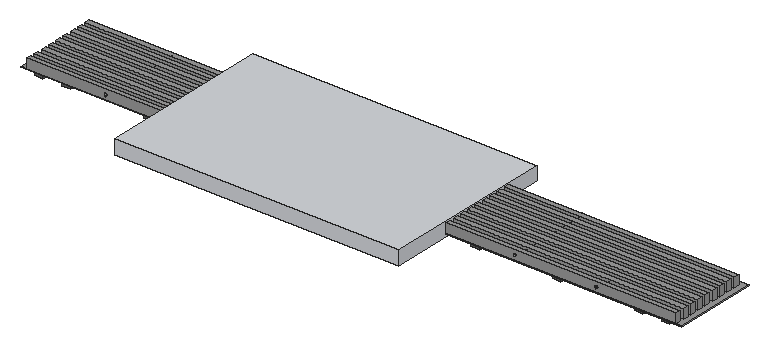
Revit family "1412-9, Veneer", category Generic Models, host Face, Revit 2020
Family settings
  Host = Face
  Can host rebar = No
  Round Connector Dimension = Use Diameter
  Part Type = Normal
  Cut with Voids When Loaded = No
  Shared = No
  Room Calculation Point = No
Parameters
  min_value [instance] = 2' - 4"  # constant formula
  max_value [instance] = 9' - 11 1/4"  # constant formula
  actual_value [instance] = if(NET LENGTH < min_value, min_value, if(NET LENGTH > max_value, max_value, NET LENGTH))  # 7' - 11 1/4"
  SCRIM MATERIAL [instance] = SCRIM
  SCRIM APPEARANCE [instance] = yes
  NET LENGTH [instance] = 7' - 11 1/4"
  IMPORTANT NOTE!!!                                                                             *Backer & dowel layout is for visualization purposes only, final layout to be determined by 9Wood. [instance] = ""
  Default Elevation = 4' - 0"
  DOWEL RADIUS [instance] = 0' - 0 1/4"  # constant formula
  BACKER & DOWEL MATERIAL [instance] = BLACK-BACKERS
  .. MEMBER WIDTH [instance] = 0' - 0 3/4"  # constant formula
  .. MEMBER MATERIAL [instance] = Veneer Cherry
  .. MEMBER DEPTH [instance] = 0' - 1 3/8"  # constant formula
  .. MEMBER COUNT [instance] = 9  # constant formula
Reference planes (in)
  plane 1 "Center (Front/Back)": y = 0
  plane 2: z = 0
  plane 3 "Center (Left/Right)": x = 0
Forms (in)
  Extrusion 1, solid
    sketch origin (0, 0, 0) x (1, 0, 0) y (0, 1, 0)
      loop
        line (-24.24823, 14.63962) -> (-24.24823, -10.69266) -> (17.36192, -10.69266) -> (17.36192, 14.63962) -> (-24.24823, 14.63962)
    from 0 to 2.0625
Dimensions and locks (in)
  aligned and locked: plane 2 to Extrusion 1
Nested families (in)
  nested 1: "1400 series" at (-44.01308, -2.1224, 0.00189), NET LENGTH <- "actual_value", .. MEMBER DEPTH <- ".. MEMBER DEPTH", .. MEMBER WIDTH <- ".. MEMBER WIDTH", DOWEL RADIUS <- "DOWEL RADIUS", BACKER & DOWEL MATERIAL <- "BACKER & DOWEL MATERIAL", .. MEMBER MATERIAL <- ".. MEMBER MATERIAL", SCRIM MATERIAL <- "SCRIM MATERIAL", MEMBER COUNT <- ".. MEMBER COUNT", SCRIM APPEARANCE <- "SCRIM APPEARANCE", type "1400 series"
    with X 7' - 8", SCRIM MATERIAL SCRIM, SCRIM LENGTH 8' - 1", SCRIM APPEARANCE yes, SCRIM 2 0' - 0 7/8", SCRIM 1 0' - 0 3/32", OC TYP 1' - 0", NET LENGTH 7' - 11 1/4", N 8, MEMBER COUNT 9, INSET 2 0' - 0 3/16", INSET 0' - 1", HALF MEMBER WIDTH 0' - 0 3/8", END BACKER yes, DOWEL RADIUS 0' - 0 1/4", DOWEL INDEX 0' - 11 5/8", DOWEL COUNT 7, BACKING M COUNT 8, BACKER WIDTH 0' - 1 1/4", BACKER INDEX 0' - 5 5/8", BACKER DEPTH 0' - 0 1/2", BACKER & DOWEL MATERIAL BLACK-BACKERS, BACKER &  DOWEL LENGTH 0' - 11 7/8", .. MEMBER WIDTH 0' - 0 3/4", .. MEMBER OC TYP 0' - 1.33333", .. MEMBER MATERIAL Veneer Cherry, .. MEMBER DEPTH 0' - 1 3/8"
Definition of nested family "1400 series"
  Parameters (values of type "1400 series")
    X [instance] = NET LENGTH - 0' 3 1/4"  # 7' - 2"
    SCRIM MATERIAL [instance] = none
    SCRIM APPEARANCE [instance] = yes
    SCRIM 2 [instance] = 0' - 0 7/8"  # constant formula
    SCRIM 1 [instance] = 0' - 0 3/32"  # constant formula
    OC TYP [instance] = 1' - 0"  # constant formula
    N [instance] = if((X - (rounddown(X / 1' 0") * 1' 0")) > 1' 0", rounddown(X / 1' 0") + 2, rounddown(X / 1' 0") + 1)  # 8
    MEMBER COUNT [instance] = 2
    INSET 5 = 0' - 0 11/16"  # constant formula
    INSET 2 [instance] = 0' - 0 3/16"  # constant formula
    INSET [instance] = 0' - 1"  # constant formula
    END BACKER [instance] = BACKER INDEX > 0' 3 5/8"  # no
    HALF MEMBER WIDTH [instance] = .. MEMBER WIDTH / 2  # 0' - 1 1/8"
    Default Elevation = 0' - 0"
    DOWEL RADIUS [instance] = 0' - 0 1/4"
    DOWEL INDEX [instance] = BACKER INDEX + 0' 6"  # 0' - 8 5/8"
    DOWEL COUNT [instance] = N - 1  # 7
    BACKER WIDTH [instance] = 0' - 1 1/4"  # constant formula
    BACKER INDEX [instance] = (NET LENGTH - ((N - 1) * 1' 0")) / 2  # 0' - 2 5/8"
    BACKER DEPTH [instance] = 0' - 0 1/2"  # constant formula
    BACKING M COUNT [instance] = N  # 8
    BACKER & DOWEL MATERIAL [instance] = none
    BACKER &  DOWEL LENGTH [instance] = 0' - 11 7/8"  # constant formula
    SCRIM LENGTH [instance] = NET LENGTH + (SCRIM 2 * 2)  # 7' - 7"
    .. MEMBER WIDTH [instance] = 0' - 2 1/4"
    .. MEMBER OC TYP [instance] = 1' 0" / MEMBER COUNT  # 0' - 6"
    .. MEMBER MATERIAL [instance] = none
    NET LENGTH [instance] = 7' - 5 1/4"
    .. MEMBER DEPTH [instance] = 0' - 4"
  Reference planes (in)
    plane 1 "Center (Front/Back)": y = 0
    plane 2: z = 0
    plane 3 "Center (Left/Right)": x = 0
    plane 4: x = 89.25
    plane 5: x = 1
    plane 6: x = 88.25
    plane 7: x = 2.625
    plane 8: x = 8.625
    plane 9: x = 14.625
    plane 10: x = 20.625
    plane 11: y = 0.1875
    plane 12: y = 1.125
    plane 13: y = 7.125
    plane 14: y = 12.0625
    plane 15: x = 90.125
    plane 16: x = -0.875
    plane 17: y = 12.15625
    plane 18: y = -0.09375
    plane 19: z = 2.7097
    plane 20: z = 0.49811
    plane 21: z = 0.56061
    plane 22: z = 1.24811
  Lines and regions (in)
    model lines, not visible
      curve 1: line (8.625, 0, 0.99811) -> (8.625, 0, 1.49811)
      curve 2: line (8.625, 0, 1.49811) -> (8.375, 0, 1.24811)
      curve 3: line (8.375, 0, 1.24811) -> (8.875, 0, 1.24811)
      curve 4: line (20.625, 0, 0.99811) -> (20.625, 0, 1.49811)
      curve 5: line (20.625, 0, 1.49811) -> (20.375, 0, 1.24811)
      curve 6: line (20.375, 0, 1.24811) -> (20.875, 0, 1.24811)
      curve 7: line (32.625, 0, 0.99811) -> (32.625, 0, 1.49811)
      curve 8: line (32.625, 0, 1.49811) -> (32.375, 0, 1.24811)
      curve 9: line (32.375, 0, 1.24811) -> (32.875, 0, 1.24811)
      curve 10: line (44.625, 0, 0.99811) -> (44.625, 0, 1.49811)
      curve 11: line (44.625, 0, 1.49811) -> (44.375, 0, 1.24811)
      curve 12: line (44.375, 0, 1.24811) -> (44.875, 0, 1.24811)
      curve 13: line (56.625, 0, 0.99811) -> (56.625, 0, 1.49811)
      curve 14: line (56.625, 0, 1.49811) -> (56.375, 0, 1.24811)
      curve 15: line (56.375, 0, 1.24811) -> (56.875, 0, 1.24811)
      curve 16: line (68.625, 0, 0.99811) -> (68.625, 0, 1.49811)
      curve 17: line (68.625, 0, 1.49811) -> (68.375, 0, 1.24811)
      curve 18: line (68.375, 0, 1.24811) -> (68.875, 0, 1.24811)
      curve 19: line (80.625, 0, 0.99811) -> (80.625, 0, 1.49811)
      curve 20: line (80.625, 0, 1.49811) -> (80.375, 0, 1.24811)
      curve 21: line (80.375, 0, 1.24811) -> (80.875, 0, 1.24811)
  Dimensions and locks (in)
    "INSET": plane 3 "Center (Left/Right)" to plane 5
    "NET LENGTH": plane 3 "Center (Left/Right)" to plane 4
    "INSET": plane 6 to plane 4
    "BACKER INDEX": plane 3 "Center (Left/Right)" to plane 7
    "DOWEL INDEX": plane 3 "Center (Left/Right)" to plane 8
    "OC TYP": plane 7 to plane 9
    "OC TYP": plane 8 to plane 10
    "INSET 2": plane 1 "Center (Front/Back)" to plane 11
    equal spacing: group 1, group 2, group 5, group 6, group 7, group 13, group 14, group 16  (x3)
    equal spacing: group 3, group 4, group 8, group 9, group 10, group 15, group 17  (x3)
    group 11 to group 12 = 0' - 0"  (x2)
    group 11 to group 12 = 0' - 6"
    ".. MEMBER OC TYP": plane 13 to plane 12
    "HALF MEMBER WIDTH": plane 1 "Center (Front/Back)" to plane 12
    "SCRIM 2": plane 16 to plane 3 "Center (Left/Right)"
    "SCRIM 2": plane 4 to plane 15
    "SCRIM 1": plane 18 to plane 1 "Center (Front/Back)"
    "SCRIM 1": plane 17 to plane 14
    "INSET 5": plane 22 to plane 21
    aligned and locked: level to plane 2
    aligned and locked: plane 7 to nested 2
    aligned and locked: plane 5 to nested 1
    aligned and locked: plane 9 to nested 3
    aligned and locked: nested 1 to plane 5
    aligned and locked: nested 2 to plane 11
    aligned and locked: nested 1 to plane 11
    aligned and locked: nested 3 to plane 11
    aligned and locked: nested 4 to plane 11  (x2)
    aligned and locked: plane 10 to nested 5
    aligned and locked: plane 6 to nested 12
    aligned and locked: nested 5 to plane 11
    aligned and locked: plane 11 to nested 12
    aligned and locked: plane 12 to nested 13
    aligned and locked: nested 14 to plane 13
    aligned and locked: plane 14 to nested 8
    aligned and locked: plane 16 to nested 15
    aligned and locked: nested 15 to plane 18
    aligned and locked: nested 15 to plane 17
    aligned and locked: nested 15 to plane 16  (x2)
    aligned and locked: nested 1 to level
    aligned and locked: level to nested 3
    aligned and locked: plane 20 to nested 2
    aligned and locked: plane 20 to nested 1
    aligned and locked: plane 20 to nested 3
    aligned and locked: nested 12 to plane 20
    aligned and locked: nested 15 to plane 20
    aligned and locked: plane 21 to nested 15
    aligned and locked: nested 13 to plane 21
    aligned and locked: plane 22 to nested 4
    aligned and locked: plane 22 to nested 5
    aligned and locked: nested 13 to plane 8
    aligned and locked: plane 10 to nested 13
    aligned and locked: curve 1 to nested 13
    aligned and locked: nested 13 to curve 4
  Automatic sketch dimensions
    curve 3 to curve 1 = 0' - 0 1/4"  (x2)
    curve 1 to curve 3 = 0' - 0 1/4"
    curve 1 to curve 2 = 0' - 0 1/4"
    curve 6 to curve 4 = 0' - 0 1/4"  (x2)
    curve 4 to curve 6 = 0' - 0 1/4"
    curve 4 to curve 5 = 0' - 0 1/4"
    curve 9 to curve 7 = 0' - 0 1/4"  (x2)
    curve 7 to curve 9 = 0' - 0 1/4"
    curve 7 to curve 8 = 0' - 0 1/4"
    curve 12 to curve 10 = 0' - 0 1/4"  (x2)
    curve 10 to curve 12 = 0' - 0 1/4"
    curve 10 to curve 11 = 0' - 0 1/4"
    curve 15 to curve 13 = 0' - 0 1/4"  (x2)
    curve 13 to curve 15 = 0' - 0 1/4"
    curve 13 to curve 14 = 0' - 0 1/4"
    curve 18 to curve 16 = 0' - 0 1/4"  (x2)
    curve 16 to curve 18 = 0' - 0 1/4"
    curve 16 to curve 17 = 0' - 0 1/4"
    curve 21 to curve 19 = 0' - 0 1/4"  (x2)
    curve 19 to curve 21 = 0' - 0 1/4"
    curve 19 to curve 20 = 0' - 0 1/4"
  Nested families (in)
    nested 1: "INSTANCE - 3RD -  EXTEND BOTH SIDES - Parametric Cube.0001" at (1, 0.1875, 0.49811), Length <- "BACKER &  DOWEL LENGTH", Width <- "BACKER WIDTH", Height <- "BACKER DEPTH", Material <- "BACKER & DOWEL MATERIAL", visible <- "END BACKER", type "INSTANCE - 3RD -  EXTEND BOTH SIDES - Parametric Cube.0001"
      with Width 0' - 1 1/4", Material none, Length 0' - 11 7/8", Height 0' - 0 1/2"
    nested 2: "INSTANCE - 2ND -  EXTEND SIDE H CENTER W - Parametric Cube.0001" at (2.625, 0.1875, 0.49811), Width <- "BACKER WIDTH", Length <- "BACKER &  DOWEL LENGTH", Height <- "BACKER DEPTH", Material <- "BACKER & DOWEL MATERIAL", type "INSTANCE - 2ND -  EXTEND SIDE H CENTER W - Parametric Cube.0001"
      with Width 0' - 1 1/4", Material none, Length 0' - 11 7/8", Height 0' - 0 1/2"
    nested 3: "INSTANCE - 2ND -  EXTEND SIDE H CENTER W - Parametric Cube.0001" at (14.625, 0.1875, 0.49811), Width <- "BACKER WIDTH", Length <- "BACKER &  DOWEL LENGTH", Height <- "BACKER DEPTH", Material <- "BACKER & DOWEL MATERIAL", type "INSTANCE - 2ND -  EXTEND SIDE H CENTER W - Parametric Cube.0001"
      with Width 0' - 1 1/4", Material none, Length 0' - 11 7/8", Height 0' - 0 1/2"
    nested 4: "DOWEL" at (-1.375, 0.1875, 1.24811), DOWEL LENGTH <- "BACKER &  DOWEL LENGTH", DOWEL RADII <- "DOWEL RADIUS", BACKING MEM MATERIAL <- "BACKER & DOWEL MATERIAL", type "DOWEL"
      with DOWEL RADII 0' - 0 1/4", DOWEL LENGTH 0' - 11 7/8", BACKING MEM MATERIAL none
    nested 5: "DOWEL" at (10.625, 0.1875, 1.24811), DOWEL LENGTH <- "BACKER &  DOWEL LENGTH", DOWEL RADII <- "DOWEL RADIUS", BACKING MEM MATERIAL <- "BACKER & DOWEL MATERIAL", type "DOWEL"
      with DOWEL RADII 0' - 0 1/4", DOWEL LENGTH 0' - 11 7/8", BACKING MEM MATERIAL none
    nested 6: "INSTANCE - 2ND -  EXTEND SIDE H CENTER W - Parametric Cube.0001" at (26.625, 0.1875, 0.49811), Width <- "BACKER WIDTH", Length <- "BACKER &  DOWEL LENGTH", Height <- "BACKER DEPTH", Material <- "BACKER & DOWEL MATERIAL", type "INSTANCE - 2ND -  EXTEND SIDE H CENTER W - Parametric Cube.0001"
      with Width 0' - 1 1/4", Material none, Length 0' - 11 7/8", Height 0' - 0 1/2"
    nested 7: "INSTANCE - 2ND -  EXTEND SIDE H CENTER W - Parametric Cube.0001" at (38.625, 0.1875, 0.49811), Width <- "BACKER WIDTH", Length <- "BACKER &  DOWEL LENGTH", Height <- "BACKER DEPTH", Material <- "BACKER & DOWEL MATERIAL", type "INSTANCE - 2ND -  EXTEND SIDE H CENTER W - Parametric Cube.0001"
      with Width 0' - 1 1/4", Material none, Length 0' - 11 7/8", Height 0' - 0 1/2"
    nested 8: "INSTANCE - 2ND -  EXTEND SIDE H CENTER W - Parametric Cube.0001" at (50.625, 0.1875, 0.49811), Width <- "BACKER WIDTH", Length <- "BACKER &  DOWEL LENGTH", Height <- "BACKER DEPTH", Material <- "BACKER & DOWEL MATERIAL", type "INSTANCE - 2ND -  EXTEND SIDE H CENTER W - Parametric Cube.0001"
      with Width 0' - 1 1/4", Material none, Length 0' - 11 7/8", Height 0' - 0 1/2"
    nested 9: "DOWEL" at (22.625, 0.1875, 1.24811), DOWEL LENGTH <- "BACKER &  DOWEL LENGTH", DOWEL RADII <- "DOWEL RADIUS", BACKING MEM MATERIAL <- "BACKER & DOWEL MATERIAL", type "DOWEL"
      with DOWEL RADII 0' - 0 1/4", DOWEL LENGTH 0' - 11 7/8", BACKING MEM MATERIAL none
    nested 10: "DOWEL" at (34.625, 0.1875, 1.24811), DOWEL LENGTH <- "BACKER &  DOWEL LENGTH", DOWEL RADII <- "DOWEL RADIUS", BACKING MEM MATERIAL <- "BACKER & DOWEL MATERIAL", type "DOWEL"
      with DOWEL RADII 0' - 0 1/4", DOWEL LENGTH 0' - 11 7/8", BACKING MEM MATERIAL none
    nested 11: "DOWEL" at (46.625, 0.1875, 1.24811), DOWEL LENGTH <- "BACKER &  DOWEL LENGTH", DOWEL RADII <- "DOWEL RADIUS", BACKING MEM MATERIAL <- "BACKER & DOWEL MATERIAL", type "DOWEL"
      with DOWEL RADII 0' - 0 1/4", DOWEL LENGTH 0' - 11 7/8", BACKING MEM MATERIAL none
    nested 12: "INSTANCE - 3RD -  EXTEND BOTH SIDES - Parametric Cube.0001" at (88.25, 0.1875, 0.49811) x (-1, 0, 0) z (0, 0, 1), Width <- "BACKER WIDTH", Length <- "BACKER &  DOWEL LENGTH", Height <- "BACKER DEPTH", Material <- "BACKER & DOWEL MATERIAL", visible <- "END BACKER", type "INSTANCE - 3RD -  EXTEND BOTH SIDES - Parametric Cube.0001"
      with Width 0' - 1 1/4", Material none, Length 0' - 11 7/8", Height 0' - 0 1/2"
    nested 13: "HOLED MEMBER" at (0, -9.75, 8.12965), DOWEL INDEX <- "DOWEL INDEX", .. MEMBER LENGTH <- "NET LENGTH", .. MEMBER WIDTH <- ".. MEMBER WIDTH", DOWEL OC DIST <- "OC TYP", DOWEL RADII <- "DOWEL RADIUS", Material <- ".. MEMBER MATERIAL", DEPTH <- ".. MEMBER DEPTH", DOWEL COUNT <- "DOWEL COUNT", Space <- "INSET 5", type "HOLED MEMBER"
      with Space 0' - 0 11/16", Material none, Height 0' - 10.43096", HALF MEMBER WIDTH 0' - 1 1/8", DOWEL RADII 0' - 0 1/4", DOWEL OC DIST 1' - 0", DOWEL INDEX 0' - 8 5/8", DOWEL COUNT 7, DEPTH 0' - 4", .. MEMBER WIDTH 0' - 2 1/4", .. MEMBER LENGTH 7' - 5 1/4"
    nested 14: "HOLED MEMBER" at (0, -3.75, 8.12965), DOWEL INDEX <- "DOWEL INDEX", .. MEMBER LENGTH <- "NET LENGTH", .. MEMBER WIDTH <- ".. MEMBER WIDTH", DOWEL OC DIST <- "OC TYP", DOWEL RADII <- "DOWEL RADIUS", Material <- ".. MEMBER MATERIAL", DEPTH <- ".. MEMBER DEPTH", DOWEL COUNT <- "DOWEL COUNT", Space <- "INSET 5", type "HOLED MEMBER"
      with Space 0' - 0 11/16", Material none, Height 0' - 10.43096", HALF MEMBER WIDTH 0' - 1 1/8", DOWEL RADII 0' - 0 1/4", DOWEL OC DIST 1' - 0", DOWEL INDEX 0' - 8 5/8", DOWEL COUNT 7, DEPTH 0' - 4", .. MEMBER WIDTH 0' - 2 1/4", .. MEMBER LENGTH 7' - 5 1/4"
    nested 15: "INSTANCE - 3RD -  EXTEND BOTH SIDES - Parametric Cube.0001" at (-0.875, -0.09375, 0.56061), Width <- "SCRIM LENGTH", Material <- "SCRIM MATERIAL", visible <- "SCRIM APPEARANCE", type "INSTANCE - 3RD -  EXTEND BOTH SIDES - Parametric Cube.0001"
      with Width 7' - 7", Material none, Length 1' - 0 1/4", Height 0' - 0 1/16"
    nested 16: "INSTANCE - 2ND -  EXTEND SIDE H CENTER W - Parametric Cube.0001" at (62.625, 0.1875, 0.49811), Width <- "BACKER WIDTH", Length <- "BACKER &  DOWEL LENGTH", Height <- "BACKER DEPTH", Material <- "BACKER & DOWEL MATERIAL", type "INSTANCE - 2ND -  EXTEND SIDE H CENTER W - Parametric Cube.0001"
      with Width 0' - 1 1/4", Material none, Length 0' - 11 7/8", Height 0' - 0 1/2"
    nested 17: "INSTANCE - 2ND -  EXTEND SIDE H CENTER W - Parametric Cube.0001" at (74.625, 0.1875, 0.49811), Width <- "BACKER WIDTH", Length <- "BACKER &  DOWEL LENGTH", Height <- "BACKER DEPTH", Material <- "BACKER & DOWEL MATERIAL", type "INSTANCE - 2ND -  EXTEND SIDE H CENTER W - Parametric Cube.0001"
      with Width 0' - 1 1/4", Material none, Length 0' - 11 7/8", Height 0' - 0 1/2"
    nested 18: "DOWEL" at (58.625, 0.1875, 1.24811), DOWEL LENGTH <- "BACKER &  DOWEL LENGTH", DOWEL RADII <- "DOWEL RADIUS", BACKING MEM MATERIAL <- "BACKER & DOWEL MATERIAL", type "DOWEL"
      with DOWEL RADII 0' - 0 1/4", DOWEL LENGTH 0' - 11 7/8", BACKING MEM MATERIAL none
    nested 19: "INSTANCE - 2ND -  EXTEND SIDE H CENTER W - Parametric Cube.0001" at (86.625, 0.1875, 0.49811), Width <- "BACKER WIDTH", Length <- "BACKER &  DOWEL LENGTH", Height <- "BACKER DEPTH", Material <- "BACKER & DOWEL MATERIAL", type "INSTANCE - 2ND -  EXTEND SIDE H CENTER W - Parametric Cube.0001"
      with Width 0' - 1 1/4", Material none, Length 0' - 11 7/8", Height 0' - 0 1/2"
    nested 20: "DOWEL" at (70.625, 0.1875, 1.24811), DOWEL LENGTH <- "BACKER &  DOWEL LENGTH", DOWEL RADII <- "DOWEL RADIUS", BACKING MEM MATERIAL <- "BACKER & DOWEL MATERIAL", type "DOWEL"
      with DOWEL RADII 0' - 0 1/4", DOWEL LENGTH 0' - 11 7/8", BACKING MEM MATERIAL none
  Definition of nested family "INSTANCE - 3RD -  EXTEND BOTH SIDES - Parametric Cube.0001"
    Parameters (values of type "INSTANCE - 3RD -  EXTEND BOTH SIDES - Parametric Cube.0001")
      Width [instance] = 0' - 6"
      Material [instance] = none
      Length [instance] = 1' - 0"
      Height [instance] = 1' - 6"
      Default Elevation = 0' - 0"
    Reference planes (in)
      plane 1 "Center (Front/Back)": y = 0
      plane 2: z = 0
      plane 3 "Center (Left/Right)": x = 0
      plane 4: x = 6
      plane 5: y = 12
      plane 6: z = -18
    Forms (in)
      Extrusion 1, solid, material <- "Material"
        sketch origin (0, 6, 0) x (1, 0, 0) y (0, 1, 0)
          loop
            line (0, 6) -> (0, -6) -> (6, -6) -> (6, 6) -> (0, 6)
        from -18 to 0
    Dimensions and locks (in)
      "Height": plane 6 to level
      "Length": plane 1 "Center (Front/Back)" to plane 5
      "Width": plane 3 "Center (Left/Right)" to plane 4
      aligned and locked: plane 2 to level
      aligned and locked: Extrusion 1 sketch curve to plane 4
      aligned and locked: Extrusion 1 to plane 6
      aligned and locked: plane 5 to Extrusion 1
      aligned and locked: Extrusion 1 to plane 3 "Center (Left/Right)"
    Automatic sketch dimensions
      plane 1 "Center (Front/Back)" to Extrusion 1 sketch curve = 0' - 0"
      plane 5 to Extrusion 1 sketch curve = 0' - 0"
      Extrusion 1 sketch curve to plane 3 "Center (Left/Right)" = 0' - 0"
  Definition of nested family "INSTANCE - 2ND -  EXTEND SIDE H CENTER W - Parametric Cube.0001"
    Parameters (values of type "INSTANCE - 2ND -  EXTEND SIDE H CENTER W - Parametric Cube.0001")
      Width [instance] = 0' - 6"
      Material [instance] = none
      Length [instance] = 1' - 0"
      Height [instance] = 1' - 6"
      Default Elevation = 0' - 0"
    Reference planes (in)
      plane 1 "Center (Front/Back)": y = 0
      plane 2: z = 0
      plane 3 "Center (Left/Right)": x = 0
      plane 4: x = -3
      plane 5: x = 3
      plane 6: y = 12
      plane 7: z = -18
    Forms (in)
      Extrusion 1, solid, material <- "Material"
        sketch origin (0, 6, 0) x (1, 0, 0) y (0, 1, 0)
          loop
            line (-3, 6) -> (-3, -6) -> (3, -6) -> (3, 6) -> (-3, 6)
        from -18 to 0
    Dimensions and locks (in)
      equal spacing: plane 4, plane 3 "Center (Left/Right)", plane 5
      "Width": plane 4 to plane 5
      "Height": plane 7 to level
      "Length": plane 1 "Center (Front/Back)" to plane 6
      aligned and locked: plane 2 to level
      aligned and locked: plane 4 to Extrusion 1 sketch curve
      aligned and locked: Extrusion 1 sketch curve to plane 5
      aligned and locked: Extrusion 1 to plane 7
      aligned and locked: plane 6 to Extrusion 1
    Automatic sketch dimensions
      plane 1 "Center (Front/Back)" to Extrusion 1 sketch curve = 0' - 0"
      plane 6 to Extrusion 1 sketch curve = 0' - 0"
  Definition of nested family "DOWEL"
    Parameters (values of type "DOWEL")
      Default Elevation = 0' - 0"
      DOWEL RADII [instance] = 0' - 0 5/8"
      DOWEL LENGTH [instance] = 1' - 0"
      BACKING MEM MATERIAL [instance] = none
    Reference planes (in)
      plane 1 "Center (Front/Back)": y = 0
      plane 2: z = 0
      plane 3 "Center (Left/Right)": x = 0
      plane 4: y = 12
    Forms (in)
      Extrusion 1, solid, material <- "BACKING MEM MATERIAL"
        sketch origin (10, 0, 0) x (1, 0, 0) y (0, 0, 1)
          loop
            circle (0, 0) r 0.625
        from 0 to -12
      Extrusion 2, solid, not visible
        sketch origin (0, 0, 0) x (1, 0, 0) y (0, 0, 1)
          loop
            circle (0, 0) r 0.625
        from 0 to 12
      Extrusion 3, solid, not visible
        sketch origin (10, 0, 0) x (1, 0, 0) y (0, 0, 1)
          loop
            circle (0, 0) r 0.625
        from 0 to 2.5
      Extrusion 4, solid, not visible
        sketch origin (10, 0, 0) x (1, 0, 0) y (0, 0, 1)
          loop
            circle (0, 0) r 0.625
        from 0 to -12
    Lines and regions (in)
      model lines, not visible
        curve 1: line (-13, 0, 0) -> (-13, -12, 0)
        curve 2: line (13, 0, 0) -> (13, -12, 0)
        curve 3: line (9.89453, 0, 0) -> (10.08794, 0, 0)
        curve 4: line (9.89453, -2.5, 0) -> (10.08794, -2.5, 0)
        curve 6: line (10, 0, 0) -> (10, 2, 0)
      model lines
        curve 5: line (10, 0, 0) -> (10, 2, 0)
    Dimensions and locks (in)
      "DOWEL LENGTH": plane 1 "Center (Front/Back)" to plane 4
      "DOWEL RADII": radius of Extrusion 1 sketch curve
      "DOWEL RADII": radius of Extrusion 2 sketch curve
      "DOWEL RADII": radius of Extrusion 3 sketch curve
      "DOWEL RADII": radius of Extrusion 4 sketch curve
      "DOWEL RADII": radius of Extrusion 1
      aligned and locked: plane 2 to level
      aligned and locked: Extrusion 1 to plane 1 "Center (Front/Back)"  (x3)
      aligned and locked: plane 1 "Center (Front/Back)" to Extrusion 1
      aligned and locked: plane 4 to Extrusion 1
    Automatic sketch dimensions
      plane 1 "Center (Front/Back)" to curve 5 = 0' - 0"
      curve 5 to plane 1 "Center (Front/Back)" = 0' - 2"
      plane 3 "Center (Left/Right)" to curve 5 = 0' - 10"
      Extrusion 1 sketch curve to level = 0' - 0"
      plane 3 "Center (Left/Right)" to Extrusion 1 sketch curve = 0' - 10"
  Definition of nested family "HOLED MEMBER"
    Parameters (values of type "HOLED MEMBER")
      Space [instance] = 0' - 0 5/8"
      Material [instance] = none
      Height [instance] = 0' - 10.43096"
      HALF MEMBER WIDTH [instance] = .. MEMBER WIDTH / 2  # 0' - 0 5/16"
      Default Elevation = 0' - 0"
      DOWEL RADII [instance] = 0' - 0.34537"
      DOWEL OC DIST [instance] = 1' - 0"
      DOWEL INSET = 0' - 0 5/8"
      DOWEL INDEX [instance] = 0' - 5 5/8"
      DOWEL COUNT [instance] = 6
      DEPTH [instance] = 0' - 2"
      .. MEMBER WIDTH [instance] = 0' - 0 5/8"
      .. MEMBER LENGTH [instance] = 5' - 11 3/4"
    Reference planes (in)
      plane 1 "Center (Front/Back)": y = 12
      plane 2: z = -7.56904
      plane 3 "Center (Left/Right)": x = 0
      plane 4: x = 5.625
      plane 5: x = 17.625
      plane 6: y = 11.375
      plane 7: x = 71.75
      plane 8: y = 11.6875
      plane 9: z = -6.94404
      plane 10: z = -5.56904
    Forms (in)
      Extrusion 1, solid, material <- "Material"
        sketch origin (0, 12, -13.56904) x (1, 0, 0) y (0, 0, 1)
          loop
            line (0, 6) -> (71.75, 6) -> (71.75, 8) -> (0, 8) -> (0, 6)
        from 0.625 to 0
      Extrusion 2, void
        sketch origin (0, 12, -18.31904) x (1, 0, 0) y (0, 0, 1)
          loop
            circle (5.625, 11.375) r 0.34537
        from 0 to 12
      Extrusion 3, void, not visible
        sketch origin (0, 0, 0) x (1, 0, 0) y (0, 1, 0)
          loop
            circle (5.625, 11.375) r 0.34537
        from 0 to 12
      Extrusion 4, void, not visible
        sketch origin (0, 0, 0) x (1, 0, 0) y (0, 1, 0)
          loop
            circle (5.625, 11.375) r 0.34537
        from 0 to 12
      Extrusion 5, void, not visible
        sketch origin (12, 0, 0) x (1, 0, 0) y (0, 1, 0)
          loop
            circle (5.625, 11.375) r 0.34537
        from 0 to 12
      Extrusion 6, void, not visible
        sketch origin (0, 12, -17.56904) x (1, 0, 0) y (0, 0, 1)
          loop
            circle (5.625, 11.375) r 0.34537
        from 0 to 12
      Extrusion 7, void, not visible
        sketch origin (12, 12, -17.56904) x (1, 0, 0) y (0, 0, 1)
          loop
            circle (5.625, 11.375) r 0.34537
        from 0 to 12
      Extrusion 8, void, not visible
        sketch origin (0, 12, -19.56904) x (1, 0, 0) y (0, 0, 1)
          loop
            circle (5.625, 11.375) r 0.34537
        from 0 to 12
      Extrusion 9, void
        sketch origin (12, 12, -18.31904) x (1, 0, 0) y (0, 0, 1)
          loop
            circle (5.625, 11.375) r 0.34537
        from 0 to 12
      Extrusion 10, void
        sketch origin (24, 12, -18.31904) x (1, 0, 0) y (0, 0, 1)
          loop
            circle (5.625, 11.375) r 0.34537
        from 0 to 12
      Extrusion 11, void
        sketch origin (36, 12, -18.31904) x (1, 0, 0) y (0, 0, 1)
          loop
            circle (5.625, 11.375) r 0.34537
        from 0 to 12
      Extrusion 12, void
        sketch origin (48, 12, -18.31904) x (1, 0, 0) y (0, 0, 1)
          loop
            circle (5.625, 11.375) r 0.34537
        from 0 to 12
      Extrusion 13, void
        sketch origin (60, 12, -18.31904) x (1, 0, 0) y (0, 0, 1)
          loop
            circle (5.625, 11.375) r 0.34537
        from 0 to 12
      Extrusion 14, void, not visible
        sketch origin (24, 12, -17.56904) x (1, 0, 0) y (0, 0, 1)
          loop
            circle (5.625, 11.375) r 0.34537
        from 0 to 12
      Extrusion 15, void, not visible
        sketch origin (36, 12, -17.56904) x (1, 0, 0) y (0, 0, 1)
          loop
            circle (5.625, 11.375) r 0.34537
        from 0 to 12
      Extrusion 16, void, not visible
        sketch origin (48, 12, -17.56904) x (1, 0, 0) y (0, 0, 1)
          loop
            circle (5.625, 11.375) r 0.34537
        from 0 to 12
      Extrusion 17, void, not visible
        sketch origin (60, 12, -17.56904) x (1, 0, 0) y (0, 0, 1)
          loop
            circle (5.625, 11.375) r 0.34537
        from 0 to 12
      Extrusion 18, void, not visible
        sketch origin (24, 0, 0) x (1, 0, 0) y (0, 1, 0)
          loop
            circle (5.625, 11.375) r 0.34537
        from 0 to 12
      Extrusion 19, void, not visible
        sketch origin (36, 0, 0) x (1, 0, 0) y (0, 1, 0)
          loop
            circle (5.625, 11.375) r 0.34537
        from 0 to 12
      Extrusion 20, void, not visible
        sketch origin (48, 0, 0) x (1, 0, 0) y (0, 1, 0)
          loop
            circle (5.625, 11.375) r 0.34537
        from 0 to 12
      Extrusion 21, void, not visible
        sketch origin (60, 0, 0) x (1, 0, 0) y (0, 1, 0)
          loop
            circle (5.625, 11.375) r 0.34537
        from 0 to 12
    Cuts and joins
      Extrusion 2, Extrusion 9, Extrusion 10, Extrusion 11, Extrusion 12, Extrusion 13 cuts Extrusion 1
    Lines and regions (in)
      model lines, not visible
        curve 1: line (5.625, 11.72037, 0) -> (5.625, 11.02963, 0)
        curve 2: line (5.625, 11.72037, 0) -> (5.625, 11.02963, 0)
        curve 3: line (17.625, 11.72037, 0) -> (17.625, 11.02963, 0)
        curve 4: line (5.625, 12, -7.56904) -> (5.625, 11.87317, -7.56904)
        curve 5: line (5.625, 11.87317, -7.56904) -> (5.06195, 11.87317, -7.56904)
        curve 6: line (5.06195, 11.87317, -7.56904) -> (5.27963, 11.375, -7.56904)
        curve 7: line (0, 12, -6.19404) -> (0, 11.61951, -6.19404)
        curve 9: line (0, 11.375, -8.19404) -> (0, 11.6747, -8.19404)
        curve 10: line (5.625, 12, -7.56904) -> (5.625, 11.69863, -7.56904)
        curve 11: line (5.625, 12, -7.56904) -> (5.625, 11.69863, -7.56904)
        curve 12: line (5.625, 10.75, 0) -> (5.625, 10.75, 0.30137)
        curve 13: line (5.625, 10.75, 0) -> (5.625, 10.75, 0.30137)
        curve 14: line (17.625, 10.75, 0) -> (17.625, 10.75, 0.30137)
        curve 15: line (5.625, 12, -6.81904) -> (5.625, 11.69863, -6.81904)
        curve 16: line (17.625, 12, -6.81904) -> (17.625, 11.69863, -6.81904)
        curve 17: line (5.625, 12, -8.81904) -> (5.625, 11.69863, -8.81904)
        curve 18: line (17.625, 12, -7.56904) -> (17.625, 11.69863, -7.56904)
        curve 19: line (29.625, 12, -7.56904) -> (29.625, 11.69863, -7.56904)
        curve 20: line (41.625, 12, -7.56904) -> (41.625, 11.69863, -7.56904)
        curve 21: line (53.625, 12, -7.56904) -> (53.625, 11.69863, -7.56904)
        curve 22: line (65.625, 12, -7.56904) -> (65.625, 11.69863, -7.56904)
        curve 23: line (29.625, 12, -6.81904) -> (29.625, 11.69863, -6.81904)
        curve 24: line (41.625, 12, -6.81904) -> (41.625, 11.69863, -6.81904)
        curve 25: line (53.625, 12, -6.81904) -> (53.625, 11.69863, -6.81904)
        curve 26: line (65.625, 12, -6.81904) -> (65.625, 11.69863, -6.81904)
        curve 27: line (29.625, 11.72037, 0) -> (29.625, 11.02963, 0)
        curve 28: line (29.625, 10.75, 0) -> (29.625, 10.75, 0.30137)
        curve 29: line (41.625, 11.72037, 0) -> (41.625, 11.02963, 0)
        curve 30: line (41.625, 10.75, 0) -> (41.625, 10.75, 0.30137)
        curve 31: line (53.625, 11.72037, 0) -> (53.625, 11.02963, 0)
        curve 32: line (53.625, 10.75, 0) -> (53.625, 10.75, 0.30137)
        curve 33: line (65.625, 11.72037, 0) -> (65.625, 11.02963, 0)
        curve 34: line (65.625, 10.75, 0) -> (65.625, 10.75, 0.30137)
        curve 35: line (5.27963, 12, -6.94404) -> (5.97037, 12, -6.94404)
        curve 36: line (5.97037, 12, -6.94404) -> (5.625, 12, -6.59867)
        curve 37: line (5.625, 12, -6.59867) -> (5.625, 12, -7.28941)
        curve 38: line (5.27963, 11.375, 0) -> (5.97037, 11.375, 0)
        curve 39: line (5.97037, 11.375, 0) -> (5.625, 11.72037, 0)
        curve 40: line (5.625, 11.72037, 0) -> (5.625, 11.02963, 0)
        curve 41: line (5.27963, 11.375, 0) -> (5.97037, 11.375, 0)
        curve 42: line (5.97037, 11.375, 0) -> (5.625, 11.72037, 0)
        curve 43: line (5.625, 11.72037, 0) -> (5.625, 11.02963, 0)
        curve 44: line (17.27963, 11.375, 0) -> (17.97037, 11.375, 0)
        curve 45: line (17.97037, 11.375, 0) -> (17.625, 11.72037, 0)
        curve 46: line (17.625, 11.72037, 0) -> (17.625, 11.02963, 0)
        curve 47: line (5.27963, 12, -6.19404) -> (5.97037, 12, -6.19404)
        curve 48: line (5.97037, 12, -6.19404) -> (5.625, 12, -5.84867)
        curve 49: line (5.625, 12, -5.84867) -> (5.625, 12, -6.53941)
        curve 50: line (17.27963, 12, -6.19404) -> (17.97037, 12, -6.19404)
        curve 51: line (17.97037, 12, -6.19404) -> (17.625, 12, -5.84867)
        curve 52: line (17.625, 12, -5.84867) -> (17.625, 12, -6.53941)
        curve 53: line (5.27963, 12, -8.19404) -> (5.97037, 12, -8.19404)
        curve 54: line (5.97037, 12, -8.19404) -> (5.625, 12, -7.84867)
        curve 55: line (5.625, 12, -7.84867) -> (5.625, 12, -8.53941)
        curve 56: line (17.27963, 12, -6.94404) -> (17.97037, 12, -6.94404)
        curve 57: line (17.97037, 12, -6.94404) -> (17.625, 12, -6.59867)
        curve 58: line (17.625, 12, -6.59867) -> (17.625, 12, -7.28941)
        curve 59: line (29.27963, 12, -6.94404) -> (29.97037, 12, -6.94404)
        curve 60: line (29.97037, 12, -6.94404) -> (29.625, 12, -6.59867)
        curve 61: line (29.625, 12, -6.59867) -> (29.625, 12, -7.28941)
        curve 62: line (41.27963, 12, -6.94404) -> (41.97037, 12, -6.94404)
        curve 63: line (41.97037, 12, -6.94404) -> (41.625, 12, -6.59867)
        curve 64: line (41.625, 12, -6.59867) -> (41.625, 12, -7.28941)
        curve 65: line (53.27963, 12, -6.94404) -> (53.97037, 12, -6.94404)
        curve 66: line (53.97037, 12, -6.94404) -> (53.625, 12, -6.59867)
        curve 67: line (53.625, 12, -6.59867) -> (53.625, 12, -7.28941)
        curve 68: line (65.27963, 12, -6.94404) -> (65.97037, 12, -6.94404)
        curve 69: line (65.97037, 12, -6.94404) -> (65.625, 12, -6.59867)
        curve 70: line (65.625, 12, -6.59867) -> (65.625, 12, -7.28941)
        curve 71: line (29.27963, 12, -6.19404) -> (29.97037, 12, -6.19404)
        curve 72: line (29.97037, 12, -6.19404) -> (29.625, 12, -5.84867)
        curve 73: line (29.625, 12, -5.84867) -> (29.625, 12, -6.53941)
        curve 74: line (41.27963, 12, -6.19404) -> (41.97037, 12, -6.19404)
        curve 75: line (41.97037, 12, -6.19404) -> (41.625, 12, -5.84867)
        curve 76: line (41.625, 12, -5.84867) -> (41.625, 12, -6.53941)
        curve 77: line (53.27963, 12, -6.19404) -> (53.97037, 12, -6.19404)
        curve 78: line (53.97037, 12, -6.19404) -> (53.625, 12, -5.84867)
        curve 79: line (53.625, 12, -5.84867) -> (53.625, 12, -6.53941)
        curve 80: line (65.27963, 12, -6.19404) -> (65.97037, 12, -6.19404)
        curve 81: line (65.97037, 12, -6.19404) -> (65.625, 12, -5.84867)
        curve 82: line (65.625, 12, -5.84867) -> (65.625, 12, -6.53941)
        curve 83: line (29.27963, 11.375, 0) -> (29.97037, 11.375, 0)
        curve 84: line (29.97037, 11.375, 0) -> (29.625, 11.72037, 0)
        curve 85: line (29.625, 11.72037, 0) -> (29.625, 11.02963, 0)
        curve 86: line (41.27963, 11.375, 0) -> (41.97037, 11.375, 0)
        curve 87: line (41.97037, 11.375, 0) -> (41.625, 11.72037, 0)
        curve 88: line (41.625, 11.72037, 0) -> (41.625, 11.02963, 0)
        curve 89: line (53.27963, 11.375, 0) -> (53.97037, 11.375, 0)
        curve 90: line (53.97037, 11.375, 0) -> (53.625, 11.72037, 0)
        curve 91: line (53.625, 11.72037, 0) -> (53.625, 11.02963, 0)
        curve 92: line (65.27963, 11.375, 0) -> (65.97037, 11.375, 0)
        curve 93: line (65.97037, 11.375, 0) -> (65.625, 11.72037, 0)
        curve 94: line (65.625, 11.72037, 0) -> (65.625, 11.02963, 0)
      model lines
        curve 8: line (5.625, 12, -7.56904) -> (5.625, 11.69863, -7.56904)
    Dimensions and locks (in)
      "DOWEL INDEX": plane 3 "Center (Left/Right)" to plane 4
      "DOWEL OC DIST": plane 4 to plane 5
      ".. MEMBER LENGTH": plane 3 "Center (Left/Right)" to plane 7
      equal spacing: group 3, group 4, group 21, group 22, group 23, group 24  (x3)
      equal spacing: group 7, group 8, group 17, group 18, group 19, group 20  (x3)
      ".. MEMBER WIDTH": plane 6 to plane 1 "Center (Front/Back)"
      "HALF MEMBER WIDTH": plane 8 to plane 1 "Center (Front/Back)"
      equal spacing: group 1, group 12, group 13, group 14, group 15, group 16  (x2)
      equal spacing: group 16, group 15, group 14, group 13, group 12, group 1
      "DEPTH": plane 10 to level
      "Space": plane 9 to level
      "DOWEL RADII": radius of Extrusion 2 sketch curve
      "DOWEL RADII": radius of Extrusion 3 sketch curve
      "DOWEL RADII": radius of Extrusion 4 sketch curve
      "DOWEL RADII": radius of Extrusion 5 sketch curve
      "DOWEL RADII": radius of Extrusion 6 sketch curve
      "DOWEL RADII": radius of Extrusion 7 sketch curve
      "DOWEL RADII": radius of Extrusion 8 sketch curve
      "DOWEL RADII": radius of Extrusion 9 sketch curve
      "DOWEL RADII": radius of Extrusion 10 sketch curve
      "DOWEL RADII": radius of Extrusion 11 sketch curve
      "DOWEL RADII": radius of Extrusion 12 sketch curve
      "DOWEL RADII": radius of Extrusion 13 sketch curve
      "DOWEL RADII": radius of Extrusion 14 sketch curve
      "DOWEL RADII": radius of Extrusion 15 sketch curve
      "DOWEL RADII": radius of Extrusion 16 sketch curve
      "DOWEL RADII": radius of Extrusion 17 sketch curve
      "DOWEL RADII": radius of Extrusion 18 sketch curve
      "DOWEL RADII": radius of Extrusion 19 sketch curve
      "DOWEL RADII": radius of Extrusion 20 sketch curve
      "DOWEL RADII": radius of Extrusion 21 sketch curve
      aligned and locked: level to plane 2
      aligned and locked: Extrusion 1 to plane 3 "Center (Left/Right)"  (x2)
      aligned and locked: plane 7 to cut or joined group of Extrusion 1, Extrusion 2, Extrusion 9, Extrusion 10, Extrusion 11, Extrusion 12, Extrusion 13  (x2)
      aligned and locked: cut or joined group of Extrusion 1, Extrusion 2, Extrusion 9, Extrusion 10, Extrusion 11, Extrusion 12, Extrusion 13 to plane 1 "Center (Front/Back)"  (x2)
      aligned and locked: cut or joined group of Extrusion 1, Extrusion 2, Extrusion 9, Extrusion 10, Extrusion 11, Extrusion 12, Extrusion 13 to plane 6  (x2)
      aligned and locked: plane 4 to curve 11
      aligned and locked: curve 18 to plane 5
      aligned and locked: plane 4 to group 1
      aligned and locked: group 12 to plane 5
      aligned and locked: curve 35 to plane 9
      aligned and locked: plane 4 to curve 37
      aligned and locked: curve 56 to plane 9
      aligned and locked: curve 58 to plane 5
      aligned and locked: plane 10 to cut or joined group of Extrusion 1, Extrusion 2, Extrusion 9, Extrusion 10, Extrusion 11, Extrusion 12, Extrusion 13  (x2)
      aligned and locked: cut or joined group of Extrusion 1, Extrusion 2, Extrusion 9, Extrusion 10, Extrusion 11, Extrusion 12, Extrusion 13 to level
      aligned and locked: level to cut or joined group of Extrusion 1, Extrusion 2, Extrusion 9, Extrusion 10, Extrusion 11, Extrusion 12, Extrusion 13
    Automatic sketch dimensions
      curve 1 to curve 1 = 0' - 0.69074"
      curve 2 to curve 2 = 0' - 0.69074"
      curve 3 to curve 3 = 0' - 0.69074"
      Extrusion 1 sketch curve to plane 3 "Center (Left/Right)" = 0' - 0"
      Extrusion 1 sketch curve to plane 7 = 0' - 0"
      Extrusion 1 sketch curve to Extrusion 1 sketch curve = 0' - 2"
      Extrusion 1 sketch curve to level = 0' - 0"
      curve 8 to curve 8 = 0' - 0.30137"
      curve 10 to curve 10 = 0' - 0.30137"
      curve 8 to plane 4 = 0' - 0"
      plane 1 "Center (Front/Back)" to curve 8 = 0' - 0"
      plane 1 "Center (Front/Back)" to curve 8 = 0' - 0.30137"
      curve 11 to curve 11 = 0' - 0.30137"
      curve 12 to curve 12 = 0' - 0.30137"
      curve 13 to curve 13 = 0' - 0.30137"
      curve 14 to curve 14 = 0' - 0.30137"
      curve 15 to curve 15 = 0' - 0.30137"
      curve 16 to curve 16 = 0' - 0.30137"
      curve 17 to curve 17 = 0' - 0.30137"
      curve 18 to curve 18 = 0' - 0.30137"
      curve 19 to curve 19 = 0' - 0.30137"
      curve 20 to curve 20 = 0' - 0.30137"
      curve 21 to curve 21 = 0' - 0.30137"
      curve 22 to curve 22 = 0' - 0.30137"
      curve 23 to curve 23 = 0' - 0.30137"
      curve 24 to curve 24 = 0' - 0.30137"
      curve 25 to curve 25 = 0' - 0.30137"
      curve 26 to curve 26 = 0' - 0.30137"
      curve 27 to curve 27 = 0' - 0.69074"
      curve 28 to curve 28 = 0' - 0.30137"
      curve 29 to curve 29 = 0' - 0.69074"
      curve 30 to curve 30 = 0' - 0.30137"
      curve 31 to curve 31 = 0' - 0.69074"
      curve 32 to curve 32 = 0' - 0.30137"
      curve 33 to curve 33 = 0' - 0.69074"
      curve 34 to curve 34 = 0' - 0.30137"
      curve 37 to curve 35 = 0' - 0.34537"  (x2)
      curve 35 to curve 36 = 0' - 0.34537"
      curve 35 to curve 37 = 0' - 0.34537"
      curve 40 to curve 38 = 0' - 0.34537"  (x2)
      curve 38 to curve 39 = 0' - 0.34537"
      curve 38 to curve 40 = 0' - 0.34537"
      curve 43 to curve 41 = 0' - 0.34537"  (x2)
      curve 41 to curve 42 = 0' - 0.34537"
      curve 41 to curve 43 = 0' - 0.34537"
      curve 46 to curve 44 = 0' - 0.34537"  (x2)
      curve 44 to curve 45 = 0' - 0.34537"
      curve 44 to curve 46 = 0' - 0.34537"
      curve 49 to curve 47 = 0' - 0.34537"  (x2)
      curve 47 to curve 48 = 0' - 0.34537"
      curve 47 to curve 49 = 0' - 0.34537"
      curve 52 to curve 50 = 0' - 0.34537"  (x2)
      curve 50 to curve 51 = 0' - 0.34537"
      curve 50 to curve 52 = 0' - 0.34537"
      curve 55 to curve 53 = 0' - 0.34537"  (x2)
      curve 53 to curve 54 = 0' - 0.34537"
      curve 53 to curve 55 = 0' - 0.34537"
      curve 58 to curve 56 = 0' - 0.34537"  (x2)
      curve 56 to curve 57 = 0' - 0.34537"
      curve 56 to curve 58 = 0' - 0.34537"
      curve 61 to curve 59 = 0' - 0.34537"  (x2)
      curve 59 to curve 60 = 0' - 0.34537"
      curve 59 to curve 61 = 0' - 0.34537"
      curve 64 to curve 62 = 0' - 0.34537"  (x2)
      curve 62 to curve 63 = 0' - 0.34537"
      curve 62 to curve 64 = 0' - 0.34537"
      curve 67 to curve 65 = 0' - 0.34537"  (x2)
      curve 65 to curve 66 = 0' - 0.34537"
      curve 65 to curve 67 = 0' - 0.34537"
      curve 70 to curve 68 = 0' - 0.34537"  (x2)
      curve 68 to curve 69 = 0' - 0.34537"
      curve 68 to curve 70 = 0' - 0.34537"
      curve 73 to curve 71 = 0' - 0.34537"  (x2)
      curve 71 to curve 72 = 0' - 0.34537"
      curve 71 to curve 73 = 0' - 0.34537"
      curve 76 to curve 74 = 0' - 0.34537"  (x2)
      curve 74 to curve 75 = 0' - 0.34537"
      curve 74 to curve 76 = 0' - 0.34537"
      curve 79 to curve 77 = 0' - 0.34537"  (x2)
      curve 77 to curve 78 = 0' - 0.34537"
      curve 77 to curve 79 = 0' - 0.34537"
      curve 82 to curve 80 = 0' - 0.34537"  (x2)
      curve 80 to curve 81 = 0' - 0.34537"
      curve 80 to curve 82 = 0' - 0.34537"
      curve 85 to curve 83 = 0' - 0.34537"  (x2)
      curve 83 to curve 84 = 0' - 0.34537"
      curve 83 to curve 85 = 0' - 0.34537"
      curve 88 to curve 86 = 0' - 0.34537"  (x2)
      curve 86 to curve 87 = 0' - 0.34537"
      curve 86 to curve 88 = 0' - 0.34537"
      curve 91 to curve 89 = 0' - 0.34537"  (x2)
      curve 89 to curve 90 = 0' - 0.34537"
      curve 89 to curve 91 = 0' - 0.34537"
      curve 94 to curve 92 = 0' - 0.34537"  (x2)
      curve 92 to curve 93 = 0' - 0.34537"
      curve 92 to curve 94 = 0' - 0.34537"
